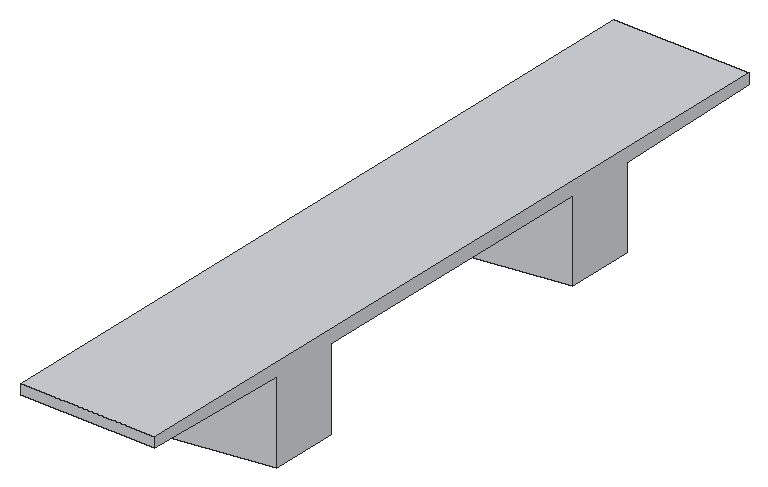
Revit family "DoubleTBeamSegment", category Structural Framing, Revit 2019
Family settings
  Display in Hidden Views = Edges Hidden by Other Members
  Section Shape = User Defined
  Material for Model Behavior = Concrete
  Always export as geometry = No
  OmniClass Number = 23.25.30.11.14.14
  OmniClass Title = Beams
  Always vertical = Yes
  Cut with Voids When Loaded = No
  Symbolic Representation = From Family
  Shared = Yes
  Show family pre-cut in plan views = Yes
Parameters
  Sofistik Section Right = "$ Revit defined Cross Section\r\nSECT 2 BTYP 'BEAM' TITL 'T_Section_right' MNO 1 MRF 2\r\n$ Polygonal Shape\r\nPOLY TYPE O\r\nVERT NO Y               Z\r\nVERT 1  =#Lane          0\r\nVERT 2  =#Lane          =#Slab_Height\r\nVERT 3  =#Beam_Width/2  =#Slab_Height\r\nVERT 4  =#Beam_Width/2  '=#Beam_Height'\r\nVERT 5  =-#Beam_Width/2 '=#Beam_Height'\r\nVERT 6  =-#Beam_Width/2 =#Slab_Height\r\nVERT 7  =-#Parapet      =#Parapet_Height\r\nVERT 8  =-#Parapet      0"  # constant formula
  Sofistik Section Left = "$ Revit defined Cross Section\r\nSECT 1 BTYP 'BEAM' TITL 'T_Section_left' MNO 1 MRF 2\r\n$ Polygonal Shape\r\nPOLY TYPE O\r\nVERT NO Y               Z\r\nVERT 1  =-#Lane         0\r\nVERT 2  =-#Lane         =#Slab_Height\r\nVERT 3  =-#Beam_Width/2 =#Slab_Height\r\nVERT 4  =-#Beam_Width/2 '=#Beam_Height'\r\nVERT 5  =#Beam_Width/2  '=#Beam_Height'\r\nVERT 6  =#Beam_Width/2  =#Slab_Height\r\nVERT 7  =#Parapet       =#Parapet_Height\r\nVERT 8  =#Parapet       0"  # constant formula
  Slope_Start [instance] = 0.00°
  Slope_End [instance] = 0.00°
  Slab_Height [instance] = 200 mm
  Parapet_Height [instance] = 150 mm
  Length [instance] = 30000 mm
  Parapet [instance] = 2750 mm
  Lane [instance] = 2750 mm
  Beam_Height_Start [instance] = 1600 mm
  Beam_Height_End [instance] = 1400 mm
  Beam_Width [instance] = 1000 mm
  Beam_Height [instance] = (Beam_Height_Start + Beam_Height_End) / 2  # 1500 mm
Reference planes
  plane 1 "Center (Front/Back)": y = 0
  plane 2 "Center Elevation": z = 0
  plane 3 "Center (Left/Right)": x = 0
  plane 4 "Left": x = -15000
  plane 5 "Member Left": x = -1250
  plane 6 "Stick Symbol Left": x = -1000
  plane 7 "Right": x = 15000
  plane 8 "Member Right": x = 1250
  plane 9 "Stick Symbol Right": x = 1000
Forms (mm)
  SweptBlend 1, solid
    path in 3D
      loop
        line (-1000, 0, 0) -> (1000, 0, 0)
    profile "DoubleTBeamProfile : DoubleTBeamProfileStart" origin (-1000, 0, 0) x (0, 1, 0) y (0, 0, 1)
      loop
        line (-5500, 0) -> (-5500, -150) -> (-3250, -200) -> (-3250, -1600) -> (-2250, -1600) -> (-2250, -200) -> (2250, -200) -> (2250, -1600) -> (3250, -1600) -> (3250, -200) -> (5500, -150) -> (5500, 0) -> (-5500, 0)
    end profile "DoubleTBeamProfile : DoubleTBeamProfileEnd" origin (1000, 0, 0) x (0, 1, 0) y (0, 0, 1)
      loop
        line (-5500, 0) -> (-5500, -150) -> (-3250, -200) -> (-3250, -1400) -> (-2250, -1400) -> (-2250, -200) -> (2250, -200) -> (2250, -1400) -> (3250, -1400) -> (3250, -200) -> (5500, -150) -> (5500, 0) -> (-5500, 0)
Lines and regions (mm)
  model lines, style "Stick Symbols", detail levels coarse
    curve 1: line (-1000, 0, 0) -> (1000, 0, 0)
  sketch lines
    curve 2: line (-1000, 0, 0) -> (1000, 0, 0)
Dimensions and locks
  equal spacing: plane 4 "Left", plane 3 "Center (Left/Right)", plane 7 "Right"
  "Length": plane 4 "Left" to plane 7 "Right"
  aligned and locked: plane 1 "Center (Front/Back)" to curve 1
  aligned and locked: plane 6 "Stick Symbol Left" to curve 1
  aligned and locked: plane 9 "Stick Symbol Right" to curve 1
  aligned and locked: level to plane 2 "Center Elevation"
